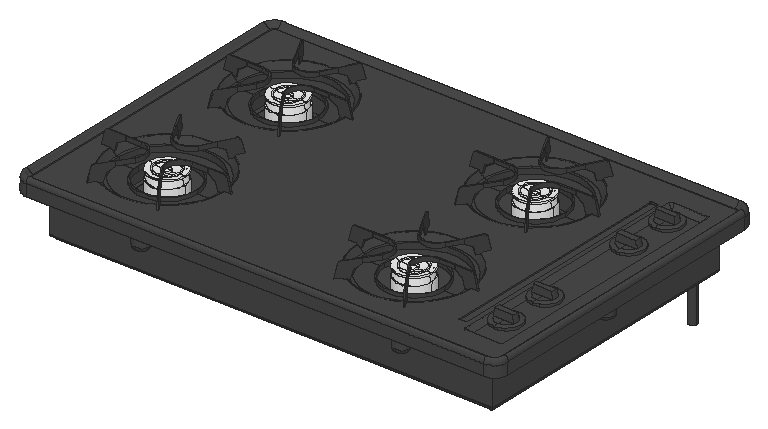
Revit family "QF_Summit_TNL053_Cooktop", category Specialty Equipment, Revit 2020
Family settings
  Round Connector Dimension = Use Diameter
  Part Type = Normal
  Work Plane-Based = No
  Always vertical = Yes
  Cut with Voids When Loaded = No
  Shared = No
  Room Calculation Point = No
Parameters
  Weight in Pounds = 32
  Watts = 0 W
  Volts = 115 V
  URL Cutsheet = ""
  Specification by User = ""
  Specification by Manufacturer = ""
  Serial Number = ""
  Seismic Rating = ""
  SMACNA No = ""
  Revision Code = ""
  Plumbing Remarks = ""
  Plumbing Connection Type = ""
  Phase = 1
  Number of Poles = 1
  NAFEM Spec ID Number = ""
  Model = "TNL053"
  Min Ckt Ampacity = 0 A
  Max Overcurrent Protection = 0 A
  Masterspec = ""
  Manufacturer = "Summit"
  Length = 30"
  Item Number = ""
  Installed By = ""
  Identify Quantity as Lot = yes
  Height = 3 3/4"
  HP = ""
  Gas Size = 0"
  Gas RI Height = 0"
  Gas KW = 0
  Gas Input = 9000.0 Btu/h
  Gas Connection Height = 0"
  Furnished By = ""
  Foodservice Equipment Identifier = yes
  FL Amps = 0 A
  Electrical Remarks = ""
  Elec Conn RI Height = 0"
  Elec Conn Connection Height = 0"
  Description = "Cooktop"
  Depth = 20"
  Default Elevation = 0"
  Cycle = 60 Hz
  Conn Plug = "3 Prong Cord"
  Conn Conduit = yes
  CSI MasterFormat = ""
  Apparent Power = 0 VA
Reference planes (in)
  plane 1 "BACK": y = 0
  plane 2: z = 0
  plane 3 "LEFT": x = 0
  plane 4 "RIGHT": x = 30
  plane 5 "FRONT": y = -20
  plane 6 "TOP": z = 3.75
  plane 7 "Center Y": x = 15
  plane 8 "Center X": y = -10
  plane 9: z = 2.75
  plane 10: z = 0.25
  plane 11: z = -2.75
Forms (in)
  Sweep 1, solid, material "QF_Plastic_Black_Smooth"
    path origin (0, 0, 3.74988) x (-1, 0, 0) y (0, -1, 0)
      loop
        line (-0.0625, 0.8125) -> (-0.0625, 19.1875)
        arc (-0.0625, 19.1875) -> (-0.28217, 19.71783) -> (-0.8125, 19.9375) r 0.75
        line (-0.8125, 19.9375) -> (-29.1875, 19.9375)
        arc (-29.1875, 19.9375) -> (-29.71783, 19.71783) -> (-29.9375, 19.1875) r 0.75
        line (-29.9375, 19.1875) -> (-29.9375, 0.8125)
        arc (-29.9375, 0.8125) -> (-29.71783, 0.28217) -> (-29.1875, 0.0625) r 0.75
        line (-29.1875, 0.0625) -> (-0.8125, 0.0625)
        arc (-0.8125, 0.0625) -> (-0.28217, 0.28217) -> (-0.0625, 0.8125) r 0.75
    profile origin (0.0625, -10, 3.74988) x (1, 0, 0) y (0, 0, 1)
      loop
        line (0.50007, -0.99988) -> (0.50007, -0.24988)
        spline (0.50007, -0.24988) -> (0.38683, -0.22526) -> (0.30986, -0.16677) -> (0.25459, -0.09746) -> (0.20654, -0.0403) -> (0.15715, -0.00897) -> (0.1083, -0.00102) -> (0.06291, -0.01235) -> (0.02367, -0.03905) -> (-0.00886, -0.07917) -> (-0.03532, -0.13183) -> (-0.05489, -0.20201) -> (-0.06266, -0.31115)
        line (-0.06266, -0.31115) -> (-0.06266, -0.99988) -> (0.50007, -0.99988)
  Extrusion 2, solid, material "QF_Plastic_Black_Smooth"
    sketch origin (23.1875, -0.5625, 3.49988) x (0, 1, 0) y (1, 0, 0)
      loop
        circle (-4.74127, -17.90956) r 3.49904
      loop
        line (-18.875, 6) -> (-18.875, -22.375)
        arc (-18.875, -22.375) -> (-18.80178, -22.55178) -> (-18.625, -22.625) r 0.25
        line (-18.625, -22.625) -> (-0.25, -22.625)
        arc (-0.25, -22.625) -> (-0.07322, -22.55178) -> (0, -22.375) r 0.25
        line (0, -22.375) -> (0, 6)
        arc (0, 6) -> (-0.07322, 6.17678) -> (-0.25, 6.25) r 0.25
        line (-0.25, 6.25) -> (-18.625, 6.25)
        arc (-18.625, 6.25) -> (-18.80178, 6.17678) -> (-18.875, 6) r 0.25
      loop
        circle (-4.74127, -2.59162) r 3.49904
      loop
        circle (-14.13373, -17.90956) r 3.49904
      loop
        circle (-14.13373, -2.59162) r 3.49904
    from 0.74988 to -0.00012
  Blend 3, void
    base sketch origin (23.18874, -0.56796, 3.54988) x (0, 1, 0) y (-1, 0, 0)
      loop
        arc (-1.25, -3.25) -> (-1.32322, -3.07322) -> (-1.5, -3) r 0.25
        line (-1.5, -3) -> (-17.375, -3)
        arc (-17.375, -3) -> (-17.55178, -3.07322) -> (-17.625, -3.25) r 0.25
        line (-17.625, -3.25) -> (-17.625, -5.5)
        arc (-17.625, -5.5) -> (-17.55178, -5.67678) -> (-17.375, -5.75) r 0.25
        line (-17.375, -5.75) -> (-1.5, -5.75)
        arc (-1.5, -5.75) -> (-1.32322, -5.67678) -> (-1.25, -5.5) r 0.25
        line (-1.25, -5.5) -> (-1.25, -3.25)
    top sketch origin (23.18874, -0.56796, 3.54988) x (0, 1, 0) y (-1, 0, 0)
      loop
        line (-1.71875, -3.46875) -> (-17.15625, -3.46875) -> (-17.15625, -5.28125) -> (-1.71875, -5.28125) -> (-1.71875, -3.46875)
    from 0.0625 to -0.31152
  Extrusion 4, void
    sketch origin (23.18874, -0.56796, 3.54988) x (0, 1, 0) y (-1, 0, 0)
      loop
        arc (-2, -2.4375) -> (-2.01831, -2.39331) -> (-2.0625, -2.375) r 0.0625
        line (-2.0625, -2.375) -> (-16.8125, -2.375)
        arc (-16.8125, -2.375) -> (-16.85669, -2.39331) -> (-16.875, -2.4375) r 0.0625
        line (-16.875, -2.4375) -> (-16.875, -2.8125)
        arc (-16.875, -2.8125) -> (-16.85669, -2.85669) -> (-16.8125, -2.875) r 0.0625
        line (-16.8125, -2.875) -> (-2.0625, -2.875)
        arc (-2.0625, -2.875) -> (-2.01831, -2.85669) -> (-2, -2.8125) r 0.0625
        line (-2, -2.8125) -> (-2, -2.4375)
    from 0.0625 to -0.125
  Revolve 5, solid, material "QF_Plastic_Black_Smooth"
    sketch origin (27.56374, -3, 0.48835) x (0, 1, 0) y (0, 0, 1)
      loop
        line (-0.75736, 3) -> (-0.50736, 3) -> (-0.50736, 3.07947) -> (0.15671, 3.07947) -> (0.15671, 3.2014)
        arc (0.15671, 3.2014) -> (0.03405, 3.23774) -> (-0.09329, 3.25) r 0.66737
        line (-0.09329, 3.25) -> (-0.75736, 3.25) -> (-0.75736, 3)
      axis (-0.75736, 3.25) -> (-0.75736, 3)
    angle from 0 to 360
  Blend 6, solid, material "QF_Plastic_Black_Smooth"
    base sketch origin (5.99846, -3, 4.23835) x (-1, 0, 0) y (0, -1, 0)
      loop
        arc (-20.9318, 0.55812) -> (-20.90121, 0.75736) -> (-20.9318, 0.95659) r 0.66406
        line (-20.9318, 0.95659) -> (-22.19875, 0.95659)
        arc (-22.19875, 0.95659) -> (-22.22934, 0.75736) -> (-22.19875, 0.55812) r 0.66406
        line (-22.19875, 0.55812) -> (-20.9318, 0.55812)
    top sketch origin (5.99846, -3, 4.23835) x (-1, 0, 0) y (0, -1, 0)
      loop
        arc (-20.98589, 0.57514) -> (-20.95791, 0.75736) -> (-20.98589, 0.93958) r 0.60736
        line (-20.98589, 0.93958) -> (-22.14466, 0.93958)
        arc (-22.14466, 0.93958) -> (-22.17264, 0.75736) -> (-22.14466, 0.57514) r 0.60736
        line (-22.14466, 0.57514) -> (-20.98589, 0.57514)
    from -0.5 to -0.05271
  Revolve 7, solid, material "QF_Plastic_Black_Smooth", not visible
    sketch origin (21.56528, -3, 0) x (0, 1, 0) y (0, 0, 1)
      loop
        line (-0.75736, 3) -> (-0.50736, 3) -> (-0.50736, 3.07947) -> (0.15671, 3.07947) -> (0.15671, 3.2014)
        arc (0.15671, 3.2014) -> (0.03405, 3.23774) -> (-0.09329, 3.25) r 0.66737
        line (-0.09329, 3.25) -> (-0.75736, 3.25) -> (-0.75736, 3)
      axis (-0.75736, 3.25) -> (-0.75736, 3)
    angle from 0 to 360
  Blend 8, solid, material "QF_Plastic_Black_Smooth", not visible
    base sketch origin (0, -3, 3.75) x (-1, 0, 0) y (0, -1, 0)
      loop
        arc (-20.9318, 0.55812) -> (-20.90121, 0.75736) -> (-20.9318, 0.95659) r 0.66406
        line (-20.9318, 0.95659) -> (-22.19875, 0.95659)
        arc (-22.19875, 0.95659) -> (-22.22934, 0.75736) -> (-22.19875, 0.55812) r 0.66406
        line (-22.19875, 0.55812) -> (-20.9318, 0.55812)
    top sketch origin (0, -3, 3.75) x (-1, 0, 0) y (0, -1, 0)
      loop
        arc (-20.98589, 0.57514) -> (-20.95791, 0.75736) -> (-20.98589, 0.93958) r 0.60736
        line (-20.98589, 0.93958) -> (-22.14466, 0.93958)
        arc (-22.14466, 0.93958) -> (-22.17264, 0.75736) -> (-22.14466, 0.57514) r 0.60736
        line (-22.14466, 0.57514) -> (-20.98589, 0.57514)
    from -0.5 to -0.05271
  Revolve 9, solid, material "QF_Plastic_Black_Smooth"
    sketch origin (27.56156, -3.00158, 0.48835) x (0, 1, 0) y (0, 0, 1)
      loop
        line (-3.75736, 3) -> (-3.50736, 3) -> (-3.50736, 3.07947) -> (-2.84329, 3.07947) -> (-2.84329, 3.2014)
        arc (-2.84329, 3.2014) -> (-2.96595, 3.23774) -> (-3.09329, 3.25) r 0.66737
        line (-3.09329, 3.25) -> (-3.75736, 3.25) -> (-3.75736, 3)
      axis (-3.75736, 3.25) -> (-3.75736, 3)
    angle from 0 to 360
  Blend 10, solid, material "QF_Plastic_Black_Smooth"
    base sketch origin (5.99628, -3.00158, 4.23835) x (-1, 0, 0) y (0, -1, 0)
      loop
        arc (-20.9318, 3.55812) -> (-20.90121, 3.75736) -> (-20.9318, 3.95659) r 0.66406
        line (-20.9318, 3.95659) -> (-22.19875, 3.95659)
        arc (-22.19875, 3.95659) -> (-22.22934, 3.75736) -> (-22.19875, 3.55812) r 0.66406
        line (-22.19875, 3.55812) -> (-20.9318, 3.55812)
    top sketch origin (5.99628, -3.00158, 4.23835) x (-1, 0, 0) y (0, -1, 0)
      loop
        arc (-20.98589, 3.57514) -> (-20.95791, 3.75736) -> (-20.98589, 3.93958) r 0.60736
        line (-20.98589, 3.93958) -> (-22.14466, 3.93958)
        arc (-22.14466, 3.93958) -> (-22.17264, 3.75736) -> (-22.14466, 3.57514) r 0.60736
        line (-22.14466, 3.57514) -> (-20.98589, 3.57514)
    from -0.5 to -0.05271
  Revolve 11, solid, material "QF_Plastic_Black_Smooth"
    sketch origin (27.56156, -6.00158, 0.48835) x (0, 1, 0) y (0, 0, 1)
      loop
        line (-10.24264, 3) -> (-10.24264, 3.25) -> (-10.90671, 3.25)
        arc (-10.90671, 3.25) -> (-11.03405, 3.23774) -> (-11.15671, 3.2014) r 0.66737
        line (-11.15671, 3.2014) -> (-11.15671, 3.07947) -> (-10.49264, 3.07947) -> (-10.49264, 3) -> (-10.24264, 3)
      axis (-10.24264, 3.25) -> (-10.24264, 3)
    angle from 0 to 360
  Blend 12, solid, material "QF_Plastic_Black_Smooth"
    base sketch origin (5.99628, -6.00158, 4.23835) x (-1, 0, 0) y (0, -1, 0)
      loop
        line (-20.9318, 10.44188) -> (-22.19875, 10.44188)
        arc (-22.19875, 10.44188) -> (-22.22934, 10.24264) -> (-22.19875, 10.04341) r 0.66406
        line (-22.19875, 10.04341) -> (-20.9318, 10.04341)
        arc (-20.9318, 10.04341) -> (-20.90121, 10.24264) -> (-20.9318, 10.44188) r 0.66406
    top sketch origin (5.99628, -6.00158, 4.23835) x (-1, 0, 0) y (0, -1, 0)
      loop
        line (-20.98589, 10.42486) -> (-22.14466, 10.42486)
        arc (-22.14466, 10.42486) -> (-22.17264, 10.24264) -> (-22.14466, 10.06042) r 0.60736
        line (-22.14466, 10.06042) -> (-20.98589, 10.06042)
        arc (-20.98589, 10.06042) -> (-20.95791, 10.24264) -> (-20.98589, 10.42486) r 0.60736
    from -0.5 to -0.05271
  Revolve 13, solid, material "QF_Plastic_Black_Smooth"
    sketch origin (27.56156, -3.00158, 0.48835) x (0, 1, 0) y (0, 0, 1)
      loop
        line (-10.24264, 3) -> (-10.24264, 3.25) -> (-10.90671, 3.25)
        arc (-10.90671, 3.25) -> (-11.03405, 3.23774) -> (-11.15671, 3.2014) r 0.66737
        line (-11.15671, 3.2014) -> (-11.15671, 3.07947) -> (-10.49264, 3.07947) -> (-10.49264, 3) -> (-10.24264, 3)
      axis (-10.24264, 3.25) -> (-10.24264, 3)
    angle from 0 to 360
  Blend 14, solid, material "QF_Plastic_Black_Smooth"
    base sketch origin (5.99628, -3.00158, 4.23835) x (-1, 0, 0) y (0, -1, 0)
      loop
        line (-20.9318, 10.44188) -> (-22.19875, 10.44188)
        arc (-22.19875, 10.44188) -> (-22.22934, 10.24264) -> (-22.19875, 10.04341) r 0.66406
        line (-22.19875, 10.04341) -> (-20.9318, 10.04341)
        arc (-20.9318, 10.04341) -> (-20.90121, 10.24264) -> (-20.9318, 10.44188) r 0.66406
    top sketch origin (5.99628, -3.00158, 4.23835) x (-1, 0, 0) y (0, -1, 0)
      loop
        line (-20.98589, 10.42486) -> (-22.14466, 10.42486)
        arc (-22.14466, 10.42486) -> (-22.17264, 10.24264) -> (-22.14466, 10.06042) r 0.60736
        line (-22.14466, 10.06042) -> (-20.98589, 10.06042)
        arc (-20.98589, 10.06042) -> (-20.95791, 10.24264) -> (-20.98589, 10.42486) r 0.60736
    from -0.5 to -0.05271
  Revolve 15, solid, material "QF_Plastic_Black_Smooth", not visible
    sketch origin (21.56528, -20.00316, 0) x (0, 1, 0) y (0, 0, 1)
      loop
        line (16.2458, 3) -> (16.4958, 3) -> (16.4958, 3.07947) -> (17.15986, 3.07947) -> (17.15986, 3.2014)
        arc (17.15986, 3.2014) -> (17.0372, 3.23774) -> (16.90986, 3.25) r 0.66737
        line (16.90986, 3.25) -> (16.2458, 3.25) -> (16.2458, 3)
      axis (16.2458, 3.25) -> (16.2458, 3)
    angle from 0 to 360
  Blend 16, solid, material "QF_Plastic_Black_Smooth", not visible
    base sketch origin (0, -20.00316, 3.75) x (-1, 0, 0) y (0, -1, 0)
      loop
        arc (-20.9318, -16.44503) -> (-20.90121, -16.2458) -> (-20.9318, -16.04657) r 0.66406
        line (-20.9318, -16.04657) -> (-22.19875, -16.04657)
        arc (-22.19875, -16.04657) -> (-22.22934, -16.2458) -> (-22.19875, -16.44503) r 0.66406
        line (-22.19875, -16.44503) -> (-20.9318, -16.44503)
    top sketch origin (0, -20.00316, 3.75) x (-1, 0, 0) y (0, -1, 0)
      loop
        arc (-20.98589, -16.42802) -> (-20.95791, -16.2458) -> (-20.98589, -16.06358) r 0.60736
        line (-20.98589, -16.06358) -> (-22.14466, -16.06358)
        arc (-22.14466, -16.06358) -> (-22.17264, -16.2458) -> (-22.14466, -16.42802) r 0.60736
        line (-22.14466, -16.42802) -> (-20.98589, -16.42802)
    from -0.5 to -0.05271
  Extrusion 17, solid, material "QF_Plastic_Black_Smooth"
    sketch origin (9.68847, 8.08075, 0) x (-1, 0, 0) y (0, 1, 0)
      loop
        circle (-18, -10) r 0.25
    from -0.125 to 2.75
  Sweep 18, solid, material "QF_Plastic_Black_Smooth"
    path origin (0, 0, 0) x (1, 0, 0) y (0, 1, 0)
      loop
        line (28.75, -1.25) -> (1.25, -1.25) -> (1.25, -18.75) -> (28.75, -18.75) -> (28.75, -1.25)
    profile origin (28.75, -10, 0) x (1, 0, 0) y (0, 0, 1)
      loop
        line (-0.25, 0) -> (-0.25, 0.125) -> (-0.13174, 0.125)
        arc (-0.13174, 0.125) -> (-0.03859, 0.16359) -> (0, 0.25674) r 0.13174
        line (0, 0.25674) -> (0, 2.75) -> (-0.125, 2.75) -> (-0.125, 0.25) -> (-0.375, 0.25) -> (-0.375, 0) -> (-0.25, 0)
  Extrusion 19, solid, material "QF_Plastic_Black_Smooth"
    sketch origin (28.375, -1.625, 0.25) x (0, -1, 0) y (1, 0, 0)
      loop
        line (0, -26.75) -> (16.75, -26.75) -> (16.75, 0) -> (0, 0) -> (0, -26.75)
    from 0 to -0.125
  Extrusion 20, solid, material "QF_Plastic_Black_Smooth"
    sketch origin (28.375, -1.625, 0.125) x (1, 0, 0) y (0, -1, 0)
      loop
        circle (-1.43653, 0.29425) r 0.25
    from 0 to 0.0625
  Revolve 21, solid, material "QF_Plastic_Black_Smooth"
    sketch origin (0, -10, 0) x (1, 0, 0) y (0, 0, 1)
      loop
        line (1.25, 2.75) -> (0.75, 2.75) -> (0.75, 1.75)
        arc (0.75, 1.75) -> (0.8255, 1.58445) -> (1, 1.5329) r 0.21926
        line (1, 1.5329) -> (1.25, 1.5329) -> (1.25, 2.75)
      axis (1.25, 1.5329) -> (1.25, 2.75)
    angle from -90 to 90
  Revolve 22, solid, material "QF_Plastic_Black_Smooth"
    sketch origin (24, -10, 0) x (-1, 0, 0) y (0, 0, -1)
      loop
        line (-4.75, -2.75) -> (-4.75, -1.5329) -> (-5, -1.5329)
        arc (-5, -1.5329) -> (-5.1745, -1.58445) -> (-5.25, -1.75) r 0.21926
        line (-5.25, -1.75) -> (-5.25, -2.75) -> (-4.75, -2.75)
      axis (-4.75, -1.5329) -> (-4.75, -2.75)
    angle from -90 to 90
  Revolve 23, solid, material "QF_Plastic_Black_Smooth"
    sketch origin (21.33132, -1.25, 0) x (-1, 0, 0) y (0, 0, -1)
      loop
        line (-1.75, -2.75) -> (-1.75, -1.5329) -> (-2, -1.5329)
        arc (-2, -1.5329) -> (-2.1745, -1.58445) -> (-2.25, -1.75) r 0.21926
        line (-2.25, -1.75) -> (-2.25, -2.75) -> (-1.75, -2.75)
      axis (-1.75, -1.5329) -> (-1.75, -2.75)
    angle from 0 to 180
  Revolve 24, solid, material "QF_Plastic_Black_Smooth"
    sketch origin (5.19698, -1.25, 0) x (-1, 0, 0) y (0, 0, -1)
      loop
        line (-1.75, -2.75) -> (-1.75, -1.5329) -> (-2, -1.5329)
        arc (-2, -1.5329) -> (-2.1745, -1.58445) -> (-2.25, -1.75) r 0.21926
        line (-2.25, -1.75) -> (-2.25, -2.75) -> (-1.75, -2.75)
      axis (-1.75, -1.5329) -> (-1.75, -2.75)
    angle from 0 to 180
  Revolve 25, solid, material "QF_Plastic_Black_Smooth"
    sketch origin (21.33132, -18.75, 0) x (-1, 0, 0) y (0, 0, 1)
      loop
        line (-1.75, 2.75) -> (-2.25, 2.75) -> (-2.25, 1.75)
        arc (-2.25, 1.75) -> (-2.1745, 1.58445) -> (-2, 1.5329) r 0.21926
        line (-2, 1.5329) -> (-1.75, 1.5329) -> (-1.75, 2.75)
      axis (-1.75, 1.5329) -> (-1.75, 2.75)
    angle from 0 to 180
  Revolve 26, solid, material "QF_Plastic_Black_Smooth"
    sketch origin (5.19698, -18.75, 0) x (-1, 0, 0) y (0, 0, 1)
      loop
        line (-1.75, 2.75) -> (-2.25, 2.75) -> (-2.25, 1.75)
        arc (-2.25, 1.75) -> (-2.1745, 1.58445) -> (-2, 1.5329) r 0.21926
        line (-2, 1.5329) -> (-1.75, 1.5329) -> (-1.75, 2.75)
      axis (-1.75, 1.5329) -> (-1.75, 2.75)
    angle from 0 to 180
Cuts and joins
  Blend 3, Extrusion 4 cuts Extrusion 2
Lines and regions (in)
  symbolic lines
    curve 1: arc (27.56374, -2.84329, 4.23835) -> (26.64968, -3.75736, 4.23835) -> (27.56374, -4.67142, 4.23835) r 0.91406
    curve 2: arc (27.56374, -4.67142, 4.23835) -> (28.4778, -3.75736, 4.23835) -> (27.56374, -2.84329, 4.23835) r 0.91406
    curve 3: line (26.93027, -3.55812, 4.23835) -> (28.19721, -3.55812, 4.23835)
    curve 4: line (28.19721, -3.95659, 4.23835) -> (26.93027, -3.95659, 4.23835)
    curve 5: arc (26.93027, -3.55812, 4.23835) -> (26.89968, -3.75736, 4.23835) -> (26.93027, -3.95659, 4.23835) r 0.66406
    curve 6: arc (28.19721, -3.95659, 4.23835) -> (28.2278, -3.75736, 4.23835) -> (28.19721, -3.55812, 4.23835) r 0.66406
    curve 13: arc (27.56156, -5.84487, 4.23835) -> (26.6475, -6.75893, 4.23835) -> (27.56156, -7.673, 4.23835) r 0.91406
    curve 14: arc (27.56156, -7.673, 4.23835) -> (28.47562, -6.75893, 4.23835) -> (27.56156, -5.84487, 4.23835) r 0.91406
    curve 15: line (26.92809, -6.5597, 4.23835) -> (28.19503, -6.5597, 4.23835)
    curve 16: line (28.19503, -6.95817, 4.23835) -> (26.92809, -6.95817, 4.23835)
    curve 17: arc (26.92809, -6.5597, 4.23835) -> (26.8975, -6.75893, 4.23835) -> (26.92809, -6.95817, 4.23835) r 0.66406
    curve 18: arc (28.19503, -6.95817, 4.23835) -> (28.22562, -6.75893, 4.23835) -> (28.19503, -6.5597, 4.23835) r 0.66406
    curve 19: arc (27.56156, -17.15828, 4.23835) -> (26.6475, -16.24422, 4.23835) -> (27.56156, -15.33016, 4.23835) r 0.91406
    curve 20: arc (27.56156, -15.33016, 4.23835) -> (28.47562, -16.24422, 4.23835) -> (27.56156, -17.15828, 4.23835) r 0.91406
    curve 21: line (26.92809, -16.44345, 4.23835) -> (28.19503, -16.44345, 4.23835)
    curve 22: line (28.19503, -16.04499, 4.23835) -> (26.92809, -16.04499, 4.23835)
    curve 23: arc (26.92809, -16.44345, 4.23835) -> (26.8975, -16.24422, 4.23835) -> (26.92809, -16.04499, 4.23835) r 0.66406
    curve 24: arc (28.19503, -16.04499, 4.23835) -> (28.22562, -16.24422, 4.23835) -> (28.19503, -16.44345, 4.23835) r 0.66406
    curve 25: arc (27.56156, -14.15828, 4.23835) -> (26.6475, -13.24422, 4.23835) -> (27.56156, -12.33016, 4.23835) r 0.91406
    curve 26: arc (27.56156, -12.33016, 4.23835) -> (28.47562, -13.24422, 4.23835) -> (27.56156, -14.15828, 4.23835) r 0.91406
    curve 27: line (26.92809, -13.44345, 4.23835) -> (28.19503, -13.44345, 4.23835)
    curve 28: line (28.19503, -13.04499, 4.23835) -> (26.92809, -13.04499, 4.23835)
    curve 29: arc (26.92809, -13.44345, 4.23835) -> (26.8975, -13.24422, 4.23835) -> (26.92809, -13.04499, 4.23835) r 0.66406
    curve 30: arc (28.19503, -13.04499, 4.23835) -> (28.22562, -13.24422, 4.23835) -> (28.19503, -13.44345, 4.23835) r 0.66406
    curve 37: line (0.5625, -0.8125, 0) -> (0.5625, -19.1875, 0)
    curve 38: line (29.1875, -0.5625, 0) -> (0.8125, -0.5625, 0)
    curve 39: arc (0.5625, -0.8125, 0) -> (0.63572, -0.63572, 0) -> (0.8125, -0.5625, 0) r 0.25
    curve 40: arc (29.1875, -0.5625, 0) -> (29.36428, -0.63572, 0) -> (29.4375, -0.8125, 0) r 0.25
    curve 41: line (29.4375, -19.1875, 0) -> (29.4375, -0.8125, 0)
    curve 42: line (28.46999, -2.28671, 0) -> (26.65749, -2.28671, 0)
    curve 43: line (26.65749, -2.28671, 0) -> (26.65749, -17.72421, 0)
    curve 44: line (26.65749, -17.72421, 0) -> (28.46999, -17.72421, 0)
    curve 45: line (28.46999, -17.72421, 0) -> (28.46999, -2.28671, 0)
    curve 46: line (26.50446, -1.9588, 0) -> (28.62302, -1.9588, 0)
    curve 47: arc (28.62302, -1.9588, 0) -> (28.74668, -2.01002, 0) -> (28.7979, -2.13368, 0) r 0.17489
    curve 48: line (28.7979, -2.13368, 0) -> (28.7979, -17.87723, 0)
    curve 49: arc (28.7979, -17.87723, 0) -> (28.74668, -18.0009, 0) -> (28.62302, -18.05212, 0) r 0.17489
    curve 50: line (28.62302, -18.05212, 0) -> (26.50446, -18.05212, 0)
    curve 51: arc (26.50446, -18.05212, 0) -> (26.3808, -18.0009, 0) -> (26.32958, -17.87723, 0) r 0.17489
    curve 52: line (26.32958, -17.87723, 0) -> (26.32958, -2.13368, 0)
    curve 53: arc (26.32958, -2.13368, 0) -> (26.3808, -2.01002, 0) -> (26.50446, -1.9588, 0) r 0.17489
    curve 54: line (25.56374, -17.38046, 0) -> (25.56374, -2.63046, 0)
    curve 55: arc (25.56374, -2.63046, 0) -> (25.58205, -2.58626, 0) -> (25.62624, -2.56796, 0) r 0.0625
    curve 56: line (25.62624, -2.56796, 0) -> (26.00124, -2.56796, 0)
    curve 57: arc (26.00124, -2.56796, 0) -> (26.04543, -2.58626, 0) -> (26.06374, -2.63046, 0) r 0.0625
    curve 58: line (26.06374, -2.63046, 0) -> (26.06374, -17.38046, 0)
    curve 59: arc (26.06374, -17.38046, 0) -> (26.04543, -17.42465, 0) -> (26.00124, -17.44296, 0) r 0.0625
    curve 60: line (26.00124, -17.44296, 0) -> (25.62624, -17.44296, 0)
    curve 61: arc (25.62624, -17.44296, 0) -> (25.58205, -17.42465, 0) -> (25.56374, -17.38046, 0) r 0.0625
    curve 62: line (0.8125, -19.4375, 0) -> (29.1875, -19.4375, 0)
    curve 63: arc (29.4375, -19.1875, 0) -> (29.36428, -19.36428, 0) -> (29.1875, -19.4375, 0) r 0.25
    curve 64: arc (0.8125, -19.4375, 0) -> (0.63572, -19.36428, 0) -> (0.5625, -19.1875, 0) r 0.25
    curve 65: line (-0.00016, -19.1875, 0) -> (-0.00016, -0.8125, 0)
    curve 66: arc (-0.00016, -0.8125, 0) -> (0.23786, -0.23786, 0) -> (0.8125, 0.00016, 0) r 0.81266
    curve 67: line (0.8125, 0.00016, 0) -> (29.1875, 0.00016, 0)
    curve 68: arc (29.1875, 0.00016, 0) -> (29.76214, -0.23786, 0) -> (30.00016, -0.8125, 0) r 0.81266
    curve 69: line (30.00016, -0.8125, 0) -> (30.00016, -19.1875, 0)
    curve 70: arc (30.00016, -19.1875, 0) -> (29.76214, -19.76214, 0) -> (29.1875, -20.00016, 0) r 0.81266
    curve 71: line (29.1875, -20.00016, 0) -> (0.8125, -20.00016, 0)
    curve 72: arc (0.8125, -20.00016, 0) -> (0.23786, -19.76214, 0) -> (-0.00016, -19.1875, 0) r 0.81266
  symbolic lines, not visible
    curve 7: arc (21.56528, -2.84329, 3.75) -> (20.65121, -3.75736, 3.75) -> (21.56528, -4.67142, 3.75) r 0.91406
    curve 8: arc (21.56528, -4.67142, 3.75) -> (22.47934, -3.75736, 3.75) -> (21.56528, -2.84329, 3.75) r 0.91406
    curve 9: line (20.9318, -3.55812, 3.75) -> (22.19875, -3.55812, 3.75)
    curve 10: line (22.19875, -3.95659, 3.75) -> (20.9318, -3.95659, 3.75)
    curve 11: arc (20.9318, -3.55812, 3.75) -> (20.90121, -3.75736, 3.75) -> (20.9318, -3.95659, 3.75) r 0.66406
    curve 12: arc (22.19875, -3.95659, 3.75) -> (22.22934, -3.75736, 3.75) -> (22.19875, -3.55812, 3.75) r 0.66406
    curve 31: arc (21.56528, -2.84329, 3.75) -> (20.65121, -3.75736, 3.75) -> (21.56528, -4.67142, 3.75) r 0.91406
    curve 32: arc (21.56528, -4.67142, 3.75) -> (22.47934, -3.75736, 3.75) -> (21.56528, -2.84329, 3.75) r 0.91406
    curve 33: line (20.9318, -3.55812, 3.75) -> (22.19875, -3.55812, 3.75)
    curve 34: line (22.19875, -3.95659, 3.75) -> (20.9318, -3.95659, 3.75)
    curve 35: arc (20.9318, -3.55812, 3.75) -> (20.90121, -3.75736, 3.75) -> (20.9318, -3.95659, 3.75) r 0.66406
    curve 36: arc (22.19875, -3.95659, 3.75) -> (22.22934, -3.75736, 3.75) -> (22.19875, -3.55812, 3.75) r 0.66406
Dimensions and locks (in)
  equal spacing: plane 3 "LEFT", plane 7 "Center Y", plane 4 "RIGHT"
  "Length": plane 3 "LEFT" to plane 4 "RIGHT"
  equal spacing: plane 5 "FRONT", plane 8 "Center X", plane 1 "BACK"
  "Depth": plane 5 "FRONT" to plane 1 "BACK"
  "Height": plane 6 "TOP" to level
  plane 9 to plane 10 = 2 1/2"
  plane 10 to plane 11 = 3"
  plane 6 "TOP" to plane 9 = 1"
  aligned and locked: level to plane 2
Automatic sketch dimensions
  Blend 6 sketch curve to Blend 6 sketch curve = 0.63347"  (x2)
  Blend 6 sketch curve to Blend 6 sketch curve = 51/256"
  Blend 6 sketch curve to Blend 6 sketch curve = 0"  (x10)
  Blend 6 sketch curve to Blend 6 sketch curve = 0.57938"  (x2)
  Blend 6 sketch curve to Blend 6 sketch curve = 0.18222"
  curve 4 to curve 1 = 0.63347"
  curve 3 to curve 1 = 51/256"
  curve 2 to curve 5 = 183/256"
  curve 3 to curve 4 = 0"
  curve 2 to curve 3 = 0.63347"
  curve 2 to curve 5 = 0"  (x4)
  curve 2 to curve 6 = 0"  (x3)
  curve 5 to curve 6 = 0"  (x3)
  curve 1 to curve 2 = 0"  (x2)
  curve 1 to curve 5 = 0"  (x2)
  curve 1 to curve 6 = 0"  (x2)
  Blend 8 sketch curve to Blend 8 sketch curve = 0.63347"  (x2)
  Blend 8 sketch curve to Blend 8 sketch curve = 51/256"
  Blend 8 sketch curve to Blend 8 sketch curve = 0"  (x10)
  Blend 8 sketch curve to Blend 8 sketch curve = 0.57938"  (x2)
  Blend 8 sketch curve to Blend 8 sketch curve = 0.18222"
  curve 10 to curve 7 = 0.63347"
  curve 9 to curve 7 = 51/256"
  curve 8 to curve 11 = 183/256"
  curve 9 to curve 10 = 0"
  curve 8 to curve 9 = 0.63347"
  curve 8 to curve 11 = 0"  (x4)
  curve 8 to curve 12 = 0"  (x3)
  curve 11 to curve 12 = 0"  (x3)
  curve 7 to curve 8 = 0"  (x2)
  curve 7 to curve 11 = 0"  (x2)
  curve 7 to curve 12 = 0"  (x2)
  Revolve 9 sketch curve to Revolve 9 sketch curve = 1/4"  (x2)
  Revolve 9 sketch curve to Revolve 9 sketch curve = 53/128"
  Revolve 9 sketch curve to Revolve 9 sketch curve = 85/128"
  Revolve 9 sketch curve to Revolve 9 sketch curve = 0"
  Revolve 9 sketch curve to Revolve 9 sketch curve = 0.12193"
  Blend 10 sketch curve to Blend 10 sketch curve = 0.63347"  (x2)
  Blend 10 sketch curve to Blend 10 sketch curve = 51/256"
  Blend 10 sketch curve to Blend 10 sketch curve = 0"  (x10)
  Blend 10 sketch curve to Blend 10 sketch curve = 0.57938"  (x2)
  Blend 10 sketch curve to Blend 10 sketch curve = 0.18222"
  Revolve 9 sketch curve to Revolve 9 sketch curve = 0.41737"
  Revolve 9 sketch curve to Revolve 9 sketch curve = 0.07947"
  Revolve 9 sketch curve to Revolve 9 sketch curve = 0.30818"
  Revolve 11 sketch curve to Revolve 11 sketch curve = 1/4"  (x2)
  Revolve 11 sketch curve to Revolve 11 sketch curve = 53/128"
  Revolve 11 sketch curve to Revolve 11 sketch curve = 85/128"
  Revolve 11 sketch curve to Revolve 11 sketch curve = 0"
  Revolve 11 sketch curve to Revolve 11 sketch curve = 0.12193"
  Blend 12 sketch curve to Blend 12 sketch curve = 0.63347"  (x2)
  Blend 12 sketch curve to Blend 12 sketch curve = 51/256"
  Blend 12 sketch curve to Blend 12 sketch curve = 0"  (x10)
  Blend 12 sketch curve to Blend 12 sketch curve = 0.57938"  (x2)
  Blend 12 sketch curve to Blend 12 sketch curve = 0.18222"
  Revolve 11 sketch curve to Revolve 11 sketch curve = 0.41737"
  Revolve 11 sketch curve to Revolve 11 sketch curve = 0.07947"
  Revolve 11 sketch curve to Revolve 11 sketch curve = 0.30818"
  Revolve 13 sketch curve to Revolve 13 sketch curve = 1/4"  (x2)
  Revolve 13 sketch curve to Revolve 13 sketch curve = 53/128"
  Revolve 13 sketch curve to Revolve 13 sketch curve = 85/128"
  Revolve 13 sketch curve to Revolve 13 sketch curve = 0"
  Revolve 13 sketch curve to Revolve 13 sketch curve = 0.12193"
  Blend 14 sketch curve to Blend 14 sketch curve = 0.63347"  (x2)
  Blend 14 sketch curve to Blend 14 sketch curve = 51/256"
  Blend 14 sketch curve to Blend 14 sketch curve = 0"  (x10)
  Blend 14 sketch curve to Blend 14 sketch curve = 0.57938"  (x2)
  Blend 14 sketch curve to Blend 14 sketch curve = 0.18222"
  Revolve 13 sketch curve to Revolve 13 sketch curve = 0.41737"
  Revolve 13 sketch curve to Revolve 13 sketch curve = 0.07947"
  Revolve 13 sketch curve to Revolve 13 sketch curve = 0.30818"
  curve 16 to curve 13 = 0.63347"
  curve 15 to curve 13 = 51/256"
  curve 14 to curve 17 = 183/256"
  curve 15 to curve 16 = 0"
  curve 14 to curve 15 = 0.63347"
  curve 14 to curve 17 = 0"  (x4)
  curve 14 to curve 18 = 0"  (x3)
  curve 17 to curve 18 = 0"  (x3)
  curve 13 to curve 14 = 0"  (x2)
  curve 13 to curve 17 = 0"  (x2)
  curve 13 to curve 18 = 0"  (x2)
  curve 22 to curve 19 = 0.63347"
  curve 19 to curve 21 = 51/256"
  curve 23 to curve 20 = 183/256"
  curve 21 to curve 22 = 0"
  curve 20 to curve 21 = 0.63347"
  curve 20 to curve 23 = 0"  (x4)
  curve 20 to curve 24 = 0"  (x3)
  curve 23 to curve 24 = 0"  (x3)
  curve 19 to curve 20 = 0"  (x2)
  curve 19 to curve 23 = 0"  (x2)
  curve 19 to curve 24 = 0"  (x2)
  curve 28 to curve 25 = 0.63347"
  curve 25 to curve 27 = 51/256"
  curve 29 to curve 26 = 183/256"
  curve 27 to curve 28 = 0"
  curve 26 to curve 27 = 0.63347"
  curve 26 to curve 29 = 0"  (x4)
  curve 26 to curve 30 = 0"  (x3)
  curve 29 to curve 30 = 0"  (x3)
  curve 25 to curve 26 = 0"  (x2)
  curve 25 to curve 29 = 0"  (x2)
  curve 25 to curve 30 = 0"  (x2)
  Revolve 15 sketch curve to Revolve 15 sketch curve = 1/4"  (x2)
  Revolve 15 sketch curve to Revolve 15 sketch curve = 53/128"
  Revolve 15 sketch curve to Revolve 15 sketch curve = 85/128"
  Revolve 15 sketch curve to Revolve 15 sketch curve = 0"
  Revolve 15 sketch curve to Revolve 15 sketch curve = 0.12193"
  Blend 16 sketch curve to Blend 16 sketch curve = 0.63347"  (x2)
  Blend 16 sketch curve to Blend 16 sketch curve = 51/256"
  Blend 16 sketch curve to Blend 16 sketch curve = 0"  (x10)
  Blend 16 sketch curve to Blend 16 sketch curve = 0.57938"  (x2)
  Blend 16 sketch curve to Blend 16 sketch curve = 0.18222"
  Revolve 15 sketch curve to Revolve 15 sketch curve = 0.41737"
  Revolve 15 sketch curve to Revolve 15 sketch curve = 0.07947"
  Revolve 15 sketch curve to Revolve 15 sketch curve = 0.30818"
  curve 34 to curve 31 = 0.63347"
  curve 33 to curve 31 = 51/256"
  curve 32 to curve 35 = 183/256"
  curve 33 to curve 34 = 0"
  curve 32 to curve 33 = 0.63347"
  curve 32 to curve 35 = 0"  (x4)
  curve 32 to curve 36 = 0"  (x3)
  curve 35 to curve 36 = 0"  (x3)
  curve 31 to curve 32 = 0"  (x2)
  curve 31 to curve 35 = 0"  (x2)
  curve 31 to curve 36 = 0"  (x2)
  Revolve 5 sketch curve to Revolve 5 sketch curve = 1/4"  (x2)
  Revolve 5 sketch curve to Revolve 5 sketch curve = 53/128"
  Revolve 5 sketch curve to Revolve 5 sketch curve = 0.41737"
  Revolve 5 sketch curve to Revolve 5 sketch curve = 0.07947"
  Revolve 5 sketch curve to Revolve 5 sketch curve = 0.12193"
  Revolve 5 sketch curve to Revolve 5 sketch curve = 0"  (x2)
  Revolve 5 sketch curve to Revolve 5 sketch curve = 0.30818"
  Revolve 7 sketch curve to Revolve 7 sketch curve = 1/4"  (x2)
  Revolve 7 sketch curve to Revolve 7 sketch curve = 53/128"
  Revolve 7 sketch curve to Revolve 7 sketch curve = 0.41737"
  Revolve 7 sketch curve to Revolve 7 sketch curve = 0.07947"
  Revolve 7 sketch curve to Revolve 7 sketch curve = 0.12193"
  Revolve 7 sketch curve to Revolve 7 sketch curve = 0"  (x2)
  Revolve 7 sketch curve to Revolve 7 sketch curve = 0.30818"
  plane 4 "RIGHT" to Sweep 1 sketch curve = 1/16"
  Sweep 1 sketch curve to Sweep 1 sketch curve = 3/4"
  Sweep 1 sketch curve to plane 5 "FRONT" = 1/16"
  plane 4 "RIGHT" to Sweep 1 sketch curve = 13/16"
  plane 3 "LEFT" to Sweep 1 sketch curve = 13/16"  (x2)
  plane 3 "LEFT" to Sweep 1 sketch curve = 1/16"
  plane 1 "BACK" to Sweep 1 sketch curve = 13/16"
  profile plane to Sweep 1 sketch curve = 0.06266"
  Sweep 1 sketch curve to profile plane = 0.50007"
  Sweep 1 sketch curve to profile plane = 0.99988"
  Sweep 1 sketch curve to profile plane = 0.31115"
  Sweep 1 sketch curve to profile plane = 0.24988"
  Extrusion 2 sketch curve to plane 5 "FRONT" = 9/16"
  Extrusion 2 sketch curve to Extrusion 2 sketch curve = 1/4"  (x3)
  Extrusion 2 sketch curve to plane 8 "Center X" = 4.69623"  (x2)
  plane 7 "Center Y" to Extrusion 2 sketch curve = 5.59588"  (x2)
  plane 8 "Center X" to Extrusion 2 sketch curve = 4.69623"  (x2)
  plane 1 "BACK" to Extrusion 2 sketch curve = 13/16"  (x2)
  plane 4 "RIGHT" to Extrusion 2 sketch curve = 13/16"
  plane 3 "LEFT" to Extrusion 2 sketch curve = 5.27794"  (x2)
  plane 3 "LEFT" to Extrusion 2 sketch curve = 13/16"
  Blend 3 sketch curve to plane 5 "FRONT" = 1.80704"
  Blend 3 sketch curve to Blend 3 sketch curve = 1/4"  (x3)
  plane 4 "RIGHT" to Blend 3 sketch curve = 1.31126"
  plane 1 "BACK" to Blend 3 sketch curve = 2.06796"  (x2)
  Blend 3 sketch curve to Blend 3 sketch curve = 2 1/4"
  Blend 3 sketch curve to plane 5 "FRONT" = 2.27579"
  plane 1 "BACK" to Blend 3 sketch curve = 2.28671"
  plane 4 "RIGHT" to Blend 3 sketch curve = 1.53001"
  Blend 3 sketch curve to Blend 3 sketch curve = 1 13/16"
  Extrusion 4 sketch curve to plane 5 "FRONT" = 2.55704"
  Extrusion 4 sketch curve to Extrusion 4 sketch curve = 1/16"  (x3)
  plane 1 "BACK" to Extrusion 4 sketch curve = 2.63046"
  Extrusion 4 sketch curve to Extrusion 4 sketch curve = 0"
  plane 4 "RIGHT" to Extrusion 4 sketch curve = 3.93626"
  Extrusion 4 sketch curve to Extrusion 4 sketch curve = 3/8"
  plane 4 "RIGHT" to Extrusion 17 sketch curve = 2.31153"
  plane 1 "BACK" to Extrusion 17 sketch curve = 1.91925"
  plane 3 "LEFT" to Sweep 18 sketch curve = 1 1/4"
  plane 4 "RIGHT" to Sweep 18 sketch curve = 1 1/4"
  Sweep 18 sketch curve to plane 5 "FRONT" = 1 1/4"
  plane 1 "BACK" to Sweep 18 sketch curve = 1 1/4"
  Sweep 18 sketch curve to level = 0"
  profile plane to Sweep 18 sketch curve = 0"
  profile plane to Sweep 18 sketch curve = 1/8"
  Sweep 18 sketch curve to Sweep 18 sketch curve = 0.00674"
  profile plane to Sweep 18 sketch curve = 1/4"
  Sweep 18 sketch curve to Sweep 18 sketch curve = 1/8"  (x2)
  level to Sweep 18 sketch curve = 1/8"
  Sweep 18 sketch curve to Sweep 18 sketch curve = 2.49326"
  Extrusion 19 sketch curve to Sweep 18 = 0"  (x4)
  Extrusion 20 sketch curve to Extrusion 20 sketch curve = 0"  (x2)
  Extrusion 19 to Extrusion 20 sketch curve = 0.29425"
  Extrusion 19 to Extrusion 20 sketch curve = 1.43653"
  Extrusion 20 sketch curve to Extrusion 20 sketch curve = 1/4"
  Revolve 21 sketch curve to plane 9 = 0"  (x2)
  plane 3 "LEFT" to Revolve 21 sketch curve = 3/4"
  Revolve 21 sketch curve to Revolve 21 sketch curve = 0.21926"
  Revolve 21 sketch curve to Revolve 21 sketch curve = 0.03074"
  Revolve 21 sketch curve to Revolve 21 sketch curve = 1/4"
  Revolve 21 sketch curve to plane 9 = 1"
  Revolve 21 sketch curve to Revolve 21 sketch curve = 0"
  plane 9 to Revolve 21 sketch curve = 0.41303"
  Revolve 22 sketch curve to plane 9 = 0"  (x2)
  plane 4 "RIGHT" to Revolve 22 sketch curve = 3/4"
  Revolve 22 sketch curve to Revolve 22 sketch curve = 0.21926"
  Revolve 22 sketch curve to Revolve 22 sketch curve = 0.03074"
  Revolve 22 sketch curve to Revolve 22 sketch curve = 1/4"
  Revolve 22 sketch curve to plane 9 = 1"
  Revolve 22 sketch curve to Revolve 22 sketch curve = 0"
  Revolve 22 sketch curve to Revolve 22 sketch curve = 0.41303"
  Revolve 23 sketch curve to plane 9 = 0"  (x2)
  Revolve 23 sketch curve to plane 9 = 1"
  plane 7 "Center Y" to Revolve 23 sketch curve = 8.58132"
  Revolve 23 sketch curve to Revolve 23 sketch curve = 0.21926"
  Revolve 23 sketch curve to Revolve 23 sketch curve = 0.03074"
  Revolve 23 sketch curve to Revolve 23 sketch curve = 1/4"
  Revolve 23 sketch curve to Revolve 23 sketch curve = 0"
  Revolve 23 sketch curve to Revolve 23 sketch curve = 0.41303"
  Revolve 24 sketch curve to plane 9 = 0"  (x2)
  Revolve 24 sketch curve to plane 9 = 1"
  Revolve 24 sketch curve to plane 7 "Center Y" = 7.55302"
  Revolve 24 sketch curve to Revolve 24 sketch curve = 0.21926"
  Revolve 24 sketch curve to Revolve 24 sketch curve = 0.03074"
  Revolve 24 sketch curve to Revolve 24 sketch curve = 1/4"
  Revolve 24 sketch curve to Revolve 24 sketch curve = 0"
  Revolve 24 sketch curve to Revolve 24 sketch curve = 0.41303"
  Revolve 25 sketch curve to plane 9 = 0"  (x2)
  Revolve 25 sketch curve to plane 9 = 1"
  plane 7 "Center Y" to Revolve 25 sketch curve = 8.58132"
  Revolve 25 sketch curve to Revolve 25 sketch curve = 0.21926"
  Revolve 25 sketch curve to Revolve 25 sketch curve = 0.03074"
  Revolve 25 sketch curve to Revolve 25 sketch curve = 1/4"
  Revolve 25 sketch curve to Revolve 25 sketch curve = 0"
  plane 9 to Revolve 25 sketch curve = 0.41303"
  Revolve 26 sketch curve to plane 9 = 0"  (x2)
  Revolve 26 sketch curve to plane 9 = 1"
  Revolve 26 sketch curve to plane 7 "Center Y" = 7.55302"
  Revolve 26 sketch curve to Revolve 26 sketch curve = 0.21926"
  Revolve 26 sketch curve to Revolve 26 sketch curve = 0.03074"
  Revolve 26 sketch curve to Revolve 26 sketch curve = 1/4"
  Revolve 26 sketch curve to Revolve 26 sketch curve = 0"
  plane 9 to Revolve 26 sketch curve = 0.41303"
  curve 39 to curve 66 = 0"  (x2)
  curve 40 to curve 68 = 0"  (x2)
  curve 63 to curve 70 = 0"  (x2)
  curve 64 to curve 72 = 0"
  curve 65 to plane 3 "LEFT" = 0.00016"
  plane 3 "LEFT" to curve 37 = 9/16"
  curve 37 to curve 64 = 1/4"
  curve 37 to curve 39 = 1/4"
  plane 1 "BACK" to curve 54 = 2.63046"
  plane 4 "RIGHT" to curve 54 = 4.43626"
  curve 54 to curve 61 = 1/16"
  curve 54 to curve 55 = 1/16"
  curve 55 to curve 56 = 3/8"
  curve 60 to curve 60 = 3/8"
  curve 57 to curve 58 = 1/16"
  curve 60 to curve 52 = 0.32834"
  curve 52 to curve 51 = 0.17489"
  curve 53 to curve 53 = 0.17489"
  curve 51 to curve 44 = 0.15303"
  plane 4 "RIGHT" to curve 45 = 1.53001"
  curve 42 to curve 47 = 0.15303"
  curve 44 to curve 50 = 0.15303"
  curve 49 to curve 48 = 0.17489"
  plane 5 "FRONT" to curve 71 = 0.00016"
  plane 4 "RIGHT" to curve 71 = 13/16"
  plane 4 "RIGHT" to curve 38 = 13/16"
  curve 40 to curve 41 = 1/4"
  curve 50 to plane 5 "FRONT" = 1.94788"
  curve 49 to curve 44 = 0.15303"
  curve 51 to curve 60 = 0.43428"
  curve 57 to curve 42 = 11/32"
  curve 42 to curve 48 = 0.15303"
  plane 1 "BACK" to curve 40 = 13/16"
  radius of Extrusion 2 sketch curve = 3.49904"  (x4)
  radius of Extrusion 17 sketch curve = 1/4"
Nested families (in)
  nested 1: "Summit_Burner" at (1.53739, -1.55546, 0.24051), type "Summit_Burner"
  nested 2: "Summit_Burner" at (16.84494, -1.55546, 0.24051), type "Summit_Burner"
  nested 3: "Summit_Burner" at (1.53739, -10.94792, 0.24051), type "Summit_Burner"
  nested 4: "Summit_Burner" at (16.84491, -10.94792, 0.24051), type "Summit_Burner"
Connectors (in)
  piping at (27.68847, -1.91925, -2.75), diameter 0.5
    settings: on Extrusion 17, index 1, connector inside diameter 24", connector length 0", flow factor 0, pipe flow 0 GPM, pressure drop 0.00 psi, fitting loss kfactor 0, connector angle 0.00°, fixture units 0, engagement length 0", angle of deflection 0.00°, flow configuration 1, flow direction 1, fitting loss method 0, system type 7, joint type 0, gender type 0, connector reference index -1, connector utility 0, adjustable connector no, is connector primary yes, connector description "Gas Connection"
  electrical at (26.93847, -1.91925, 0.0625), driven by "Volts"
    settings: on Extrusion 20, index 2, voltage 115 V, apparent load 0 VA, apparent load phase1 0 VA, apparent load phase2 0 VA, apparent load phase3 0 VA, power factor 1, load classification "Other", number of poles 1, system type 30, power factor state 1, is connector primary yes, connector utility no, sub classification motor no, connector description "Electrical Connection"
Definition of nested family "Summit_Burner"
  Parameters (values of type "Summit_Burner")
    Model = ""
    Manufacturer = "Summit"
    Length = 7 1/2"
    Height = 3 3/4"
    Description = "Cooktop"
    Depth = 7 1/2"
    Default Elevation = 0"
  Reference planes (in)
    plane 1 "BACK": y = 0
    plane 2: z = 0
    plane 3 "LEFT": x = 0
    plane 4 "RIGHT": x = 7.5
    plane 5 "FRONT": y = -7.5
    plane 6 "TOP": z = 3.75
    plane 7 "Center Y": x = 3.75
    plane 8 "Center X": y = -3.75
  Forms (in)
    Revolve 1, solid
      sketch origin (-1.00614, -3.75, 0) x (1, 0, 0) y (0, 0, 1)
        loop
          spline (4.75614, 3.2974) -> (4.72569, 3.2971) -> (4.69575, 3.29619) -> (4.66685, 3.2947) -> (4.63948, 3.29264) -> (4.6141, 3.29006) -> (4.59115, 3.28699) -> (4.57103, 3.28349) -> (4.55407, 3.27963) -> (4.54057, 3.27546) -> (4.53076, 3.27106) -> (4.52481, 3.2665) -> (4.52281, 3.26186)
          line (4.52281, 3.26186) -> (4.52281, 3.21696)
          arc (4.52281, 3.21696) -> (4.26371, 3.23312) -> (4.00936, 3.28508) r 1.86649
          line (4.00936, 3.28508) -> (4.00936, 3.32514)
          arc (4.00936, 3.32514) -> (3.98019, 3.35431) -> (3.95103, 3.32514) r 0.02917
          line (3.95103, 3.32514) -> (3.95103, 3.28508) -> (3.61868, 3.31928) -> (3.61868, 3.24108) -> (3.76857, 3.21465) -> (3.68998, 2.76893) -> (3.61868, 2.76893) -> (3.61868, 1.8356) -> (4.75614, 1.8356) -> (4.75614, 3.2974)
        loop
          line (1.55611, 2.9044) -> (1.25614, 3.26188) -> (1.25614, 2.50443) -> (2.91868, 2.50443) -> (2.91868, 2.76893) -> (2.86035, 2.76893) -> (2.86035, 2.56277) -> (1.75201, 2.56277) -> (1.75201, 2.9044) -> (1.55611, 2.9044)
        axis (4.75614, 1.8356) -> (4.75614, 3.32514)
      angle from 0 to 360
    Extrusion 2, solid
      sketch origin (0, 0, 3.75) x (-1, 0, 0) y (0, -1, 0)
        loop
          line (-2.5179, 1.48578) -> (-2.46271, 1.51512) -> (-2.90948, 2.35538)
          arc (-2.90948, 2.35538) -> (-3.75, 2.86041) -> (-4.59052, 2.35538) r 0.95194
          line (-4.59052, 2.35538) -> (-5.03729, 1.51512) -> (-4.9821, 1.48578) -> (-4.53533, 2.32603)
          arc (-4.53533, 2.32603) -> (-3.75, 2.79791) -> (-2.96467, 2.32603) r 0.88944
          line (-2.96467, 2.32603) -> (-2.5179, 1.48578)
        loop
          line (-1.21219, 3.78125) -> (-2.16384, 3.78125)
          arc (-2.16384, 3.78125) -> (-2.94917, 4.25312) -> (-2.90122, 5.16806) r 0.88944
          line (-2.90122, 5.16806) -> (-2.35458, 5.97849) -> (-2.40639, 6.01344) -> (-2.95303, 5.20301)
          arc (-2.95303, 5.20301) -> (-3.00435, 4.22378) -> (-2.16384, 3.71875) r 0.95194
          line (-2.16384, 3.71875) -> (-1.21219, 3.71875) -> (-1.21219, 3.78125)
        loop
          line (-6.28781, 3.78125) -> (-6.28781, 3.71875) -> (-5.33616, 3.71875)
          arc (-5.33616, 3.71875) -> (-4.49565, 4.22378) -> (-4.54697, 5.20301) r 0.95194
          line (-4.54697, 5.20301) -> (-5.09361, 6.01344) -> (-5.14542, 5.97849) -> (-4.59878, 5.16806)
          arc (-4.59878, 5.16806) -> (-4.55083, 4.25312) -> (-5.33616, 3.78125) r 0.88944
          line (-5.33616, 3.78125) -> (-6.28781, 3.78125)
      from 0.25 to 0.5
    Extrusion 3, solid
      sketch origin (0, -3.71875, 0) x (-1, 0, 0) y (0, 0, 1)
        loop
          line (-0.20802, 3.31155) -> (0.24994, 3.31155) -> (0.05937, 4.07589)
          arc (0.05937, 4.07589) -> (-0.02208, 4.20131) -> (-0.16348, 4.25) r 0.22968
          line (-0.16348, 4.25) -> (-1.21219, 4.25) -> (-1.21219, 4) -> (-0.67738, 3.69123) -> (-0.55416, 3.19699) -> (-0.30416, 3.19699) -> (-0.20802, 3.31155)
      from 0 to -0.0625
    Extrusion 4, solid
      sketch origin (1.67673, -6.98344, 0) x (-0.559193, -0.829038, 0) y (0, 0, 1)
        loop
          line (-0.20802, 3.31155) -> (0.24994, 3.31155) -> (0.05937, 4.07589)
          arc (0.05937, 4.07589) -> (-0.02208, 4.20131) -> (-0.16348, 4.25) r 0.22968
          line (-0.16348, 4.25) -> (-1.21219, 4.25) -> (-1.21219, 4) -> (-0.67738, 3.69123) -> (-0.55416, 3.19699) -> (-0.30416, 3.19699) -> (-0.20802, 3.31155)
      from 0 to -0.0625
    Extrusion 5, solid
      sketch origin (7.5, -3.71875, 0) x (1, 0, 0) y (0, 0, -1)
        loop
          line (-0.20802, -3.31155) -> (-0.30416, -3.19699) -> (-0.55416, -3.19699) -> (-0.67738, -3.69123) -> (-1.21219, -4) -> (-1.21219, -4.25) -> (-0.16348, -4.25)
          arc (-0.16348, -4.25) -> (-0.02208, -4.20131) -> (0.05937, -4.07589) r 0.22968
          line (0.05937, -4.07589) -> (0.24994, -3.31155) -> (-0.20802, -3.31155)
      from 0 to -0.0625
    Extrusion 6, solid
      sketch origin (5.82327, -6.98344, 0) x (0.559193, -0.829038, 0) y (0, 0, -1)
        loop
          line (-0.20802, -3.31155) -> (-0.30416, -3.19699) -> (-0.55416, -3.19699) -> (-0.67738, -3.69123) -> (-1.21219, -4) -> (-1.21219, -4.25) -> (-0.16348, -4.25)
          arc (-0.16348, -4.25) -> (-0.02208, -4.20131) -> (0.05937, -4.07589) r 0.22968
          line (0.05937, -4.07589) -> (0.24994, -3.31155) -> (-0.20802, -3.31155)
      from 0 to -0.0625
    Extrusion 7, solid
      sketch origin (1.94881, -0.41548, 0) x (-0.469472, 0.882948, 0) y (0, 0, 1)
        loop
          line (-0.20802, 3.31155) -> (0.24994, 3.31155) -> (0.05937, 4.07589)
          arc (0.05937, 4.07589) -> (-0.02208, 4.20131) -> (-0.16348, 4.25) r 0.22968
          line (-0.16348, 4.25) -> (-1.21219, 4.25) -> (-1.21219, 4) -> (-0.67738, 3.69123) -> (-0.55416, 3.19699) -> (-0.30416, 3.19699) -> (-0.20802, 3.31155)
      from 0 to -0.0625
    Extrusion 8, solid
      sketch origin (5.55119, -0.41548, 0) x (0.469472, 0.882948, 0) y (0, 0, -1)
        loop
          line (-0.20802, -3.31155) -> (-0.30416, -3.19699) -> (-0.55416, -3.19699) -> (-0.67738, -3.69123) -> (-1.21219, -4) -> (-1.21219, -4.25) -> (-0.16348, -4.25)
          arc (-0.16348, -4.25) -> (-0.02208, -4.20131) -> (0.05937, -4.07589) r 0.22968
          line (0.05937, -4.07589) -> (0.24994, -3.31155) -> (-0.20802, -3.31155)
      from 0 to -0.0625
  Lines and regions (in)
    symbolic lines
      curve 1: line (0, -7.5, 27) -> (0, -7.5, 26)
      curve 2: circle (3.75, -3.75, 3.75) r 0.80512 normal (0, 0, 1)
      curve 3: circle (3.75, -3.75, 3.75) r 0.74678 normal (0, 0, 1)
      curve 4: circle (3.75, -3.75, 3.75) r 0.23333 normal (0, 0, 1)
      curve 5: line (-0.24994, -3.78125, 3.75) -> (2.16384, -3.78125, 3.75)
      curve 6: line (2.1681, -3.71876, 3.75) -> (-0.24994, -3.71876, 3.75)
      curve 7: line (-0.24994, -3.71876, 3.75) -> (-0.24994, -3.78125, 3.75)
      curve 8: arc (1.92099, -6.73308, 3.75) -> (3.74054, -7.24735, 3.75) -> (5.56205, -6.74006, 3.75) r 3.49978
      curve 9: arc (2.08902, -6.48396, 3.75) -> (3.74048, -6.94686, 3.75) -> (5.39374, -6.49045, 3.75) r 3.19975
      curve 10: arc (2.80998, -5.39281, 3.75) -> (3.73378, -5.63885, 3.75) -> (4.66013, -5.40255, 3.75) r 1.89484
      curve 11: arc (3.11548, -4.69456, 3.75) -> (3.75006, -4.88773, 3.75) -> (4.38451, -4.69416, 3.75) r 1.13775
      curve 12: arc (3.11358, -4.60599, 3.75) -> (3.75009, -4.81648, 3.75) -> (4.38646, -4.60552, 3.75) r 1.06645
      curve 13: arc (2.70583, -3.96546, 3.75) -> (2.82791, -4.28523, 3.75) -> (3.04503, -4.54983, 3.75) r 1.06617
      curve 14: arc (2.62075, -3.90758, 3.75) -> (2.76396, -4.32186, 3.75) -> (3.05307, -4.65132, 3.75) r 1.13848
      curve 15: arc (1.85101, -3.78125, 3.75) -> (2.10293, -4.69369, 3.75) -> (2.76463, -5.37056, 3.75) r 1.89561
      curve 16: arc (0.55022, -3.78125, 3.75) -> (0.95335, -5.30531, 3.75) -> (2.03523, -6.45195, 3.75) r 3.20005
      curve 17: arc (0.25121, -3.78125, 3.75) -> (0.69074, -5.44885, 3.75) -> (1.87327, -6.70414, 3.75) r 3.50004
      curve 18: arc (3.336, -2.76567, 3.75) -> (2.82709, -3.2137, 3.75) -> (2.69076, -3.87789, 3.75) r 1.06729
      curve 19: arc (3.25742, -2.72306, 3.75) -> (2.7652, -3.17872, 3.75) -> (2.61493, -3.83242, 3.75) r 1.13855
      curve 20: arc (4.07713, -2.73557, 3.75) -> (3.74996, -2.6841, 3.75) -> (3.42279, -2.73553, 3.75) r 1.06604
      curve 21: arc (4.16928, -2.69288, 3.75) -> (3.74997, -2.61275, 3.75) -> (3.33065, -2.69285, 3.75) r 1.13737
      curve 22: arc (2.76976, -2.09259, 3.75) -> (2.09515, -2.78438, 3.75) -> (1.84898, -3.71876, 3.75) r 1.89636
      curve 23: arc (4.66187, -2.08805, 3.75) -> (3.74999, -1.8543, 3.75) -> (2.83809, -2.08798, 3.75) r 1.8958
      curve 24: arc (2.17107, -0.96662, 3.75) -> (0.99268, -2.126, 3.75) -> (0.55012, -3.71876, 3.75) r 3.20003
      curve 25: arc (5.27431, -0.93622, 3.75) -> (3.75001, -0.54989, 3.75) -> (2.22573, -0.93629, 3.75) r 3.20003
      curve 26: arc (5.41517, -0.67131, 3.75) -> (3.75001, -0.24988, 3.75) -> (2.08489, -0.67141, 3.75) r 3.5
      curve 27: arc (2.0302, -0.70168, 3.75) -> (0.73555, -1.9715, 3.75) -> (0.25014, -3.71876, 3.75) r 3.5
      curve 28: arc (7.25002, -3.75005, 3.75) -> (6.77237, -1.985, 3.75) -> (5.46979, -0.70171, 3.75) r 3.5
      curve 29: arc (6.95006, -3.75005, 3.75) -> (6.51523, -2.13951, 3.75) -> (5.32891, -0.96665, 3.75) r 3.20003
      curve 30: arc (5.64584, -3.75005, 3.75) -> (5.39712, -2.81134, 3.75) -> (4.71623, -2.11894, 3.75) r 1.8958
      curve 31: arc (4.88188, -3.86551, 3.75) -> (4.74248, -3.19327, 3.75) -> (4.24178, -2.72354, 3.75) r 1.13799
      curve 32: arc (4.80375, -3.91294, 3.75) -> (4.68061, -3.22921, 3.75) -> (4.16245, -2.76642, 3.75) r 1.0664
      curve 33: arc (4.45497, -4.54981, 3.75) -> (4.66215, -4.30196, 3.75) -> (4.78559, -4.00343, 3.75) r 1.06616
      curve 34: arc (4.44699, -4.64889, 3.75) -> (4.72483, -4.33609, 3.75) -> (4.87078, -3.944, 3.75) r 1.13746
      curve 35: arc (4.71999, -5.37886, 3.75) -> (5.38253, -4.71385, 3.75) -> (5.64481, -3.81251, 3.75) r 1.8958
      curve 36: arc (5.44986, -6.46121, 3.75) -> (6.5347, -5.32656, 3.75) -> (6.94939, -3.81251, 3.75) r 3.20003
      curve 37: arc (5.61765, -6.71004, 3.75) -> (6.79962, -5.46744, 3.75) -> (7.24939, -3.81251, 3.75) r 3.5
      curve 38: arc (2.16384, -3.78125, 3.75) -> (2.94917, -4.25312, 3.75) -> (2.90122, -5.16806, 3.75) r 0.88944
      curve 39: arc (2.95303, -5.20301, 3.75) -> (3.00435, -4.22378, 3.75) -> (2.16384, -3.71875, 3.75) r 0.95194
      curve 40: line (2.90122, -5.16806, 3.75) -> (1.53696, -7.19065, 3.75)
      curve 41: line (1.58878, -7.2256, 3.75) -> (2.95303, -5.20301, 3.75)
      curve 42: line (1.53696, -7.19065, 3.75) -> (1.58878, -7.2256, 3.75)
      curve 43: arc (5.33616, -3.71875, 3.75) -> (4.49565, -4.22378, 3.75) -> (4.54697, -5.20301, 3.75) r 0.95194
      curve 44: arc (4.59878, -5.16806, 3.75) -> (4.55083, -4.25312, 3.75) -> (5.33616, -3.78125, 3.75) r 0.88944
      curve 45: line (5.96304, -7.19065, 3.75) -> (4.59878, -5.16806, 3.75)
      curve 46: line (4.54697, -5.20301, 3.75) -> (5.91122, -7.2256, 3.75)
      curve 47: line (7.74994, -3.71875, 3.75) -> (5.33616, -3.71875, 3.75)
      curve 48: line (5.33616, -3.78125, 3.75) -> (7.74994, -3.78125, 3.75)
      curve 49: line (7.74994, -3.78125, 3.75) -> (7.74994, -3.71875, 3.75)
      curve 50: line (5.91122, -7.2256, 3.75) -> (5.96304, -7.19065, 3.75)
      curve 51: arc (2.90948, -2.35538, 3.75) -> (3.75, -2.86041, 3.75) -> (4.59052, -2.35538, 3.75) r 0.95194
      curve 52: arc (4.53533, -2.32603, 3.75) -> (3.75, -2.79791, 3.75) -> (2.96467, -2.32603, 3.75) r 0.88944
      curve 53: line (1.77629, -0.22414, 3.75) -> (2.90948, -2.35538, 3.75)
      curve 54: line (2.96467, -2.32603, 3.75) -> (1.83147, -0.1948, 3.75)
      curve 55: line (5.66853, -0.1948, 3.75) -> (4.53533, -2.32603, 3.75)
      curve 56: line (4.59052, -2.35538, 3.75) -> (5.72371, -0.22414, 3.75)
      curve 57: line (5.72371, -0.22414, 3.75) -> (5.66853, -0.1948, 3.75)
      curve 58: line (1.83147, -0.1948, 3.75) -> (1.77629, -0.22414, 3.75)
  Dimensions and locks (in)
    equal spacing: plane 3 "LEFT", plane 7 "Center Y", plane 4 "RIGHT"
    "Length": plane 3 "LEFT" to plane 4 "RIGHT"
    equal spacing: plane 5 "FRONT", plane 8 "Center X", plane 1 "BACK"
    "Depth": plane 5 "FRONT" to plane 1 "BACK"
    "Height": plane 6 "TOP" to level
    aligned and locked: level to plane 2
  Automatic sketch dimensions
    curve 1 to plane 5 "FRONT" = 0"
    plane 6 "TOP" to curve 1 = 22 1/4"
    curve 1 to curve 1 = 1"
    curve 2 to curve 3 = 0"  (x2)
    curve 2 to curve 4 = 0"
    curve 3 to curve 4 = 0"
    curve 3 to curve 24 = 0"
    curve 4 to curve 13 = 0"
    curve 13 to curve 24 = 0"  (x2)
    curve 13 to curve 27 = 0"  (x2)
    curve 3 to plane 7 "Center Y" = 0"
    curve 4 to plane 8 "Center X" = 0"
    plane 7 "Center Y" to curve 28 = 0"
    curve 29 to curve 28 = 0"
    plane 8 "Center X" to curve 35 = 0"
    plane 7 "Center Y" to curve 35 = 0.00004"
    curve 30 to curve 29 = 0"
    curve 25 to curve 35 = 0.00004"
    curve 26 to curve 25 = 0.00004"  (x2)
    plane 7 "Center Y" to curve 16 = 0.00012"
    plane 7 "Center Y" to curve 18 = 0.00028"
    curve 19 to curve 18 = 0.00017"
    curve 17 to plane 8 "Center X" = 0.0005"
    curve 17 to curve 16 = 0.001"
    curve 33 to plane 8 "Center X" = 0"
    curve 33 to plane 7 "Center Y" = 0"
    curve 33 to curve 34 = 0"  (x2)
    curve 34 to curve 36 = 0"
    curve 36 to curve 37 = 0.00002"
    curve 23 to plane 7 "Center Y" = 0.00008"
    curve 23 to curve 21 = 0"
    curve 21 to curve 20 = 0"
    curve 32 to plane 7 "Center Y" = 0.00009"
    curve 32 to curve 31 = 0.00011"
    curve 12 to plane 8 "Center X" = 0.00003"
    curve 23 to curve 12 = 0.00022"
    plane 8 "Center X" to curve 11 = 0"
    curve 12 to curve 11 = 0"
    plane 8 "Center X" to curve 14 = 0.00028"
    curve 11 to curve 14 = 0.00146"
    curve 14 to curve 8 = 0.00099"
